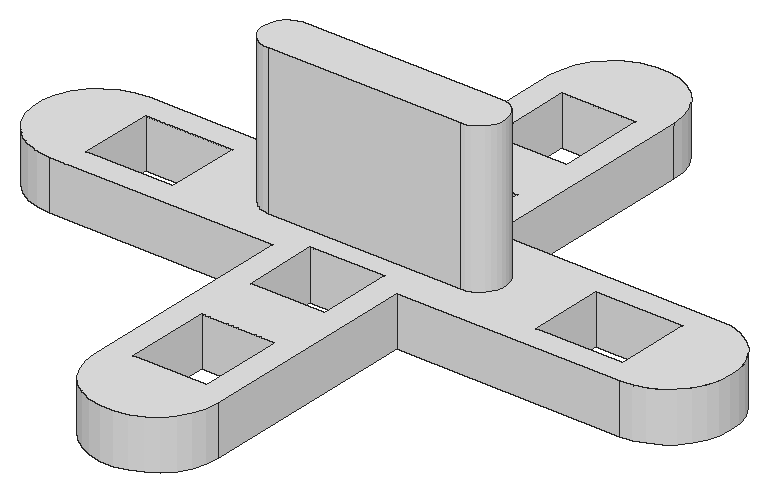
Revit family "111011003209001", category Modelos genéricos, Revit 2018
Family settings
  Puede alojar armadura = No
  Cota de conector redondo = Diámetro de uso
  Tipo de pieza = Normal
  Se basa en plano de trabajo = No
  Siempre vertical = No
  Corte con vacíos al cargar = No
  Compartido = No
  Punto de cálculo de habitación = No
Parameters (values of type "ESPACIADOR CON TOMADOR DE 5MM")
  Ventajas = "fácil de retirar."
  Uso = "Separadores diseñados para ayudar a instalar cerámica con separaciones uniformes. Son\r\nusados entre cerámica y bordes para proveer la junta de lechada (fragüe) óptima. Su diseño permite\r\ngran eficiencia en alineación de canteras."
  Unidad = "Bolsas de 200 UN"
  URL = "https://www.empresascnp.cl/"
  Num SKUs = "111011003209001"
  Nombre SKU = "ESPACIADOR CERAMICA PP 5MM BLANCO BOLSA 200UN"
  Modelo = "ESPACIADOR CON TOMADOR DE 5MM"
  Material = PP
  Url Ficha tecnica = "https://empresascnp.cl/wp-content/uploads//pdf/ficha-tecnica-espaciador-ceramica-pp-5mm-blanco-bolsa-200un.pdf"
  Espesor = 0.00 mm
  Empresa = "CNP SPA."
  Dureza = ""
  Dimension = 0.00 mm
  Descripción = "Sistema con agarres para simplificar la introducción y extracción de los espaciadores."
  Contacto = "info@empresascnp.cl"
  Color = "Blanco"
  Aplicacion = "Espaciador de cerámico con pestaña para retiro."
Reference planes
  plane 1 "Center F/B": y = 0
  plane 2: z = 0
  plane 3 "Center L/R": x = 0
  plane 4: z = 0
Forms (mm)
  Extrusion 1, solid, material "PP" <- "Material"
    sketch origin (0, -1.434, 0) x (1, 0, 0) y (0, 1, 0)
      loop
        arc (-11.5, 3.934) -> (-14, 1.434) -> (-11.5, -1.066) r 2.5
        line (-11.5, -1.066) -> (-2.5, -1.066) -> (-2.5, -10.066)
        arc (-2.5, -10.066) -> (0, -12.566) -> (2.5, -10.066) r 2.5
        line (2.5, -10.066) -> (2.5, -1.066) -> (11.5, -1.066)
        arc (11.5, -1.066) -> (14, 1.434) -> (11.5, 3.934) r 2.5
        line (11.5, 3.934) -> (2.5, 3.934) -> (2.5, 12.934)
        arc (2.5, 12.934) -> (0, 15.434) -> (-2.5, 12.934) r 2.5
        line (-2.5, 12.934) -> (-2.5, 3.934) -> (-11.5, 3.934)
      loop
        line (-10.832, 2.934) -> (-10.832, -0.066) -> (-7.332, -0.066) -> (-7.332, 2.934) -> (-10.832, 2.934)
      loop
        line (-1.5, -9.397) -> (1.5, -9.397) -> (1.5, -5.897) -> (-1.5, -5.897) -> (-1.5, -9.397)
      loop
        line (-1.5, -3.429) -> (1.5, -3.429) -> (1.5, -0.429) -> (-1.5, -0.429) -> (-1.5, -3.429)
      loop
        line (-1.5, 12.266) -> (-1.5, 8.766) -> (1.5, 8.766) -> (1.5, 12.266) -> (-1.5, 12.266)
      loop
        line (-1.5, 6.298) -> (-1.5, 3.298) -> (1.5, 3.298) -> (1.5, 6.298) -> (-1.5, 6.298)
      loop
        line (10.832, 2.934) -> (7.332, 2.934) -> (7.332, -0.066) -> (10.832, -0.066) -> (10.832, 2.934)
    from 0 to 2
  Extrusion 2, solid, material "PP" <- "Material"
    sketch origin (0, 0, 0) x (1, 0, 0) y (0, 1, 0)
      loop
        line (3.875, 1) -> (-3.875, 1)
        arc (-3.875, 1) -> (-4.875, 0) -> (-3.875, -1) r 1
        line (-3.875, -1) -> (3.875, -1)
        arc (3.875, -1) -> (4.875, 0) -> (3.875, 1) r 1
    from 2 to 8
Cuts and joins
  joined: Extrusion 1, Extrusion 2
Dimensions and locks
  "Dimension": plane 4 to level
Automatic sketch dimensions
  plane 1 "Center F/B" to Extrusion 2 sketch curve = 0.00 mm
  Extrusion 2 sketch curve to plane 1 "Center F/B" = 1.00 mm
  Extrusion 2 sketch curve to plane 3 "Center L/R" = 3.875 mm
  plane 3 "Center L/R" to Extrusion 2 sketch curve = 3.875 mm
  plane 1 "Center F/B" to Extrusion 1 sketch curve = 0.00 mm  (x2)
  Extrusion 1 sketch curve to plane 3 "Center L/R" = 0.00 mm  (x2)
  Extrusion 1 sketch curve to plane 3 "Center L/R" = 1.50 mm  (x4)
  Extrusion 1 sketch curve to Extrusion 1 sketch curve = 1.00 mm  (x5)
  plane 1 "Center F/B" to Extrusion 1 sketch curve = 1.50 mm  (x2)
  Extrusion 1 sketch curve to Extrusion 1 sketch curve = 4.832 mm  (x2)
  Extrusion 1 sketch curve to Extrusion 1 sketch curve = 3.50 mm  (x4)
  Extrusion 1 sketch curve to Extrusion 1 sketch curve = 0.668 mm  (x4)
  plane 3 "Center L/R" to Extrusion 1 sketch curve = 1.50 mm  (x3)
  Extrusion 1 sketch curve to plane 1 "Center F/B" = 1.50 mm
  plane 1 "Center F/B" to Extrusion 1 sketch curve = 1.864 mm
  Extrusion 1 sketch curve to Extrusion 1 sketch curve = 0.636 mm  (x2)
  Extrusion 1 sketch curve to Extrusion 1 sketch curve = 2.364 mm  (x2)
  Extrusion 1 sketch curve to Extrusion 1 sketch curve = 2.468 mm  (x2)
